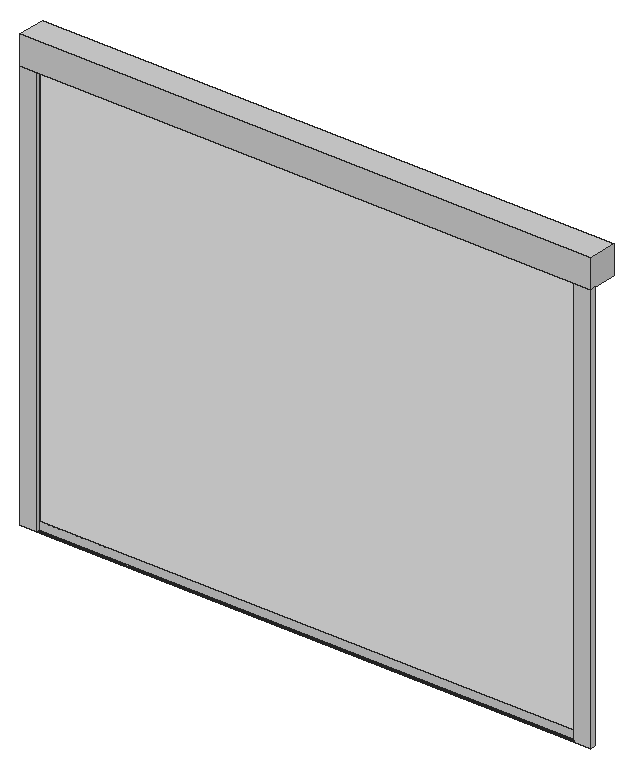
Revit family "Hose-Stream-Rated_Smoke-Fire-Curtain_DoorSystems_DSI-HS10B-Single-Roller-Headbox", category Doors, host Wall, Revit 2021
Family settings
  Host = Wall
  OmniClass Number = 23.30.10.21.11.11
  OmniClass Title = Rolling Fire Doors
  Always vertical = Yes
  Cut with Voids When Loaded = No
  Shared = No
  Room Calculation Point = No
Parameters (values of type "10" x 10" Head-box #2")
  Rough Width = 0' - 0"
  Rough Height = 0' - 0"
  Fire Rating = "1, 2, 3"
  Define Thermal Properties by = Schematic Type
  CLEAR OPENING WIDTH [instance] = 16' - 0"
  URL = "https://www.doorsysinc.com/"
  Specification = "https://www.arcat.com/company/door-systems-50183/spec"
  Type Model Notes [instance] = "As Specify"
  Invalid Model [instance] = no
  CURTAIN DROP HEIGHT [instance] = 12' - 0"
  Curtain Height [instance] = if(Curtain Closed, CURTAIN DROP HEIGHT, 0' 0 1/8")  # 12' - 0"
  Curtain Closed [instance] = yes
  Product Page URL = "https://www.arcat.com/arcatcos/cos50/arc50183.html"
  Mounting Method [instance] = "Per Manufactures standard"  # constant formula
  Model = "DSI-HS10B"  # constant formula
  Maximum Size [instance] = ""
  Manufacturer = "Door Systems"
  Keynote = "08 33 44"
  FrameDepth = 0' - 2"
  Frame Width = 0' - 6"
  Wall Closure = By host
  Frame Finish [instance] = Metal - Steel - Primer Finish
  Fire Performance = "UL 10B"  # constant formula
  Description = "Hose Stream Rated Smoke and Fire Curtain"  # constant formula
  CurtainDrop_Viz = yes
  Curtain Offset [instance] = 0' - 0"
  Curtain Finish [instance] = Fabric - DoorSystemsInc - Grey Smoke Curtain
  Copyright = "ARCAT 2022"  # constant formula
  CAD Details = "https://www.arcat.com/company/door-systems-50183/cad"
  Available Options [instance] = "as Specified"
  HeadBox_Height = 0' - 10"
  HeadBox_Depth = 0' - 10"
  Analytic Construction = "<None>"
Types (2): name | CURTAIN DROP HEIGHT | Curtain Height | HeadBox_Height | HeadBox_Depth
  9" x 9" Head-box #1 | 10' - 0" | 10' - 0" | 0' - 9" | 0' - 9"
  10" x 10" Head-box #2 | 12' - 0" | 12' - 0" | 0' - 10" | 0' - 10"
Reference planes (in)
  plane 1 "Center (Front/Back)": y = 0
  plane 2 "Center (Left/Right)": x = 0
  plane 3 "Left": x = -100
  plane 4 "Right": x = 100
  plane 5 "Top": z = 144
  plane 6 "Exterior": y = 1
  plane 7 "Interior": y = -5
  plane 8: y = 11
  plane 9: z = 0
  plane 10: y = 3
  plane 11 "2": z = 154
  plane 12 "DoorOffset": y = 2
  plane 13: y = 1
  plane 14: y = 2
  plane 15: y = 1
  plane 16: z = 0
  plane 17: x = -96
  plane 18: x = 96
Forms (in)
  Extrusion 1, solid, material "Fabric - DoorSystemsInc - Grey Smoke Curtain" <- "Curtain Finish"
    sketch origin (0, 0, 0) x (1, 0, 0) y (0, 1, 0)
      loop
        line (-95.25, 2.07812) -> (-95.25, 1.92187) -> (95.25, 1.92187) -> (95.25, 2.07812) -> (-95.25, 2.07812)
    from 0 to 144
  Sweep 2, solid, material "Metal - Steel - Primer Finish" <- "Frame Finish"
    path origin (0, 0, 0) x (1, 0, 0) y (0, 0, 1)
      loop
        line (-100, 144) -> (100, 144)
    profile origin (0, 0, 144) x (0, 0, 1) y (0, -1, 0)
      loop
        line (10, -1) -> (0, -1) -> (0, -11) -> (10, -11) -> (10, -1)
  Sweep 3, solid, material "Metal - Steel - Primer Finish" <- "Frame Finish"
    path origin (0, 0, 0) x (1, 0, 0) y (0, 0, 1)
      loop
        line (0, 144) -> (0, 0)
    profile origin (0, 0, 72) x (0, -1, 0) y (1, 0, 0)
      loop
        line (-1, -100) -> (-1, -94) -> (-1.875, -94) -> (-1.875, -95.25) -> (-2.125, -95.25) -> (-2.125, -94) -> (-3, -94) -> (-3, -100) -> (-1, -100)
      loop
        line (-1, 100) -> (-3, 100) -> (-3, 94) -> (-2.125, 94) -> (-2.125, 95.25) -> (-1.875, 95.25) -> (-1.875, 94) -> (-1, 94) -> (-1, 100)
  Sweep 4, solid, material "Metal - Steel - Primer Finish" <- "Frame Finish", visible <- "CurtainDrop_Viz"
    path origin (0, 0, 0) x (1, 0, 0) y (0, 1, 0)
      loop
        line (94, 2) -> (-94, 2)
    profile origin (0, 2, 0) x (0, -1, 0) y (0, 0, 1)
      loop
        line (-1, 0.125) -> (-1, 0) -> (-0.07812, 0) -> (-0.07812, 3) -> (-0.20312, 3) -> (-0.20312, 0.125) -> (-1, 0.125)
      loop
        line (1, 0) -> (1, 0.125) -> (0.20313, 0.125) -> (0.20313, 3) -> (0.07813, 3) -> (0.07813, 0) -> (1, 0)
Lines and regions (in)
  Opening 1
    outline origin (-84.5, -5, 0) x (1, 0, 0) y (0, 0, 1)
      loop
        line (-15.5, 0) -> (184.5, 0) -> (184.5, 154) -> (-15.5, 154) -> (-15.5, 0)
Text (in)
  text "Exterior" at (-74.96733, 27.31104, 0), in view "Ref. Level"
  text "Interior" at (-74.96733, -25.14366, 0), in view "Ref. Level"
  text "Exterior" at (0, 40.15149, 123.01588), in view "Right"
  text "Interior" at (0, -64.39139, 123.01588), in view "Right"
  text "Interior" at (0, -31.01599, 123.00693), in view "Left"
  text "Exterior" at (0, 54.57065, 123.00693), in view "Left"
Dimensions and locks (in)
  equal spacing: plane 3 "Left", plane 2 "Center (Left/Right)", plane 4 "Right"
  "CURTAIN DROP HEIGHT": level to plane 5 "Top"
  "HeadBox_Depth": plane 8 to plane 15
  locked: Extrusion 1 sketch curve to Extrusion 1 sketch curve at 0.15625
  "HeadBox_Height": plane 5 "Top" to plane 11 "2"
  equal spacing: Extrusion 1 sketch curve, plane 12 "DoorOffset", Extrusion 1 sketch curve
  locked: plane 13 to plane 15
  "FrameDepth": plane 10 to plane 13
  "Frame Width": plane 3 "Left" to Sweep 3 sketch curve
  "Frame Width": Sweep 3 sketch curve to plane 4 "Right"
  equal spacing: plane 13, plane 14, plane 10
  locked: Sweep 3 sketch curve to Sweep 3 sketch curve at 1.25  (x2)
  equal spacing: Sweep 3 sketch curve, plane 14, Sweep 3 sketch curve
  locked: Sweep 3 sketch curve to Sweep 3 sketch curve at 0.25
  equal spacing: plane 10, plane 12 "DoorOffset", plane 13
  "Frame Width": Sweep 4 sketch curve to plane 4 "Right"
  "Frame Width": plane 3 "Left" to Sweep 4 sketch curve
  locked: Sweep 4 sketch curve to Sweep 4 sketch curve at 0.125
  "Curtain Offset": plane 6 "Exterior" to plane 13
  "Curtain Height": plane 5 "Top" to plane 16
  locked: Sweep 4 sketch curve to plane 16 at 3
  locked: Sweep 4 sketch curve to plane 16 at 0.125
  equal spacing: plane 18, plane 2 "Center (Left/Right)", plane 17
  "CLEAR OPENING WIDTH": plane 18 to plane 17
  locked: plane 17 to plane 3 "Left" at 4
  aligned and locked: Opening 1 sketch curve to level
  aligned and locked: plane 6 "Exterior" to host wall
  aligned and locked: host wall to plane 7 "Interior"
  aligned and locked: plane 9 to level
  aligned and locked: Extrusion 1 to plane 5 "Top"
  aligned and locked: Sweep 2 sketch curve to plane 5 "Top"
  aligned and locked: plane 4 "Right" to Sweep 2 sketch curve
  aligned and locked: plane 3 "Left" to Sweep 2 sketch curve
  aligned and locked: plane 11 "2" to Sweep 2 sketch curve
  aligned and locked: plane 8 to Sweep 2 sketch curve
  aligned and locked: plane 5 "Top" to Sweep 2 sketch curve
  aligned and locked: Sweep 3 sketch curve to plane 2 "Center (Left/Right)"
  aligned and locked: plane 9 to Sweep 3 sketch curve
  aligned and locked: plane 5 "Top" to Sweep 3 sketch curve
  aligned and locked: plane 3 "Left" to Sweep 3 sketch curve
  aligned and locked: plane 10 to Sweep 3 sketch curve  (x2)
  aligned and locked: Sweep 3 sketch curve to plane 13
  aligned and locked: plane 4 "Right" to Sweep 3 sketch curve
  aligned and locked: plane 13 to Sweep 3 sketch curve
  aligned and locked: Sweep 3 sketch curve to Sweep 3 sketch curve  (x4)
  aligned and locked: Sweep 4 sketch curve to plane 12 "DoorOffset"
  aligned and locked: Sweep 4 sketch curve to plane 10
  aligned and locked: Sweep 4 sketch curve to plane 13
  aligned and locked: Extrusion 1 to Sweep 4 sketch curve  (x2)
  aligned and locked: Sweep 4 sketch curve to Sweep 4 sketch curve
  aligned and locked: Sweep 3 to Extrusion 1 sketch curve  (x2)
  aligned and locked: Sweep 2 sketch curve to plane 15
  aligned and locked: plane 16 to Sweep 4 sketch curve  (x2)
  aligned and locked: Extrusion 1 to plane 16
  aligned and locked: Opening 1 sketch curve to plane 3 "Left"
  aligned and locked: Opening 1 sketch curve to plane 11 "2"
  aligned and locked: Opening 1 sketch curve to plane 4 "Right"
Automatic sketch dimensions
  Sweep 4 sketch curve to Sweep 4 sketch curve = 0' - 0 1/8"
  Sweep 4 sketch curve to Sweep 4 sketch curve = 0' - 0"
